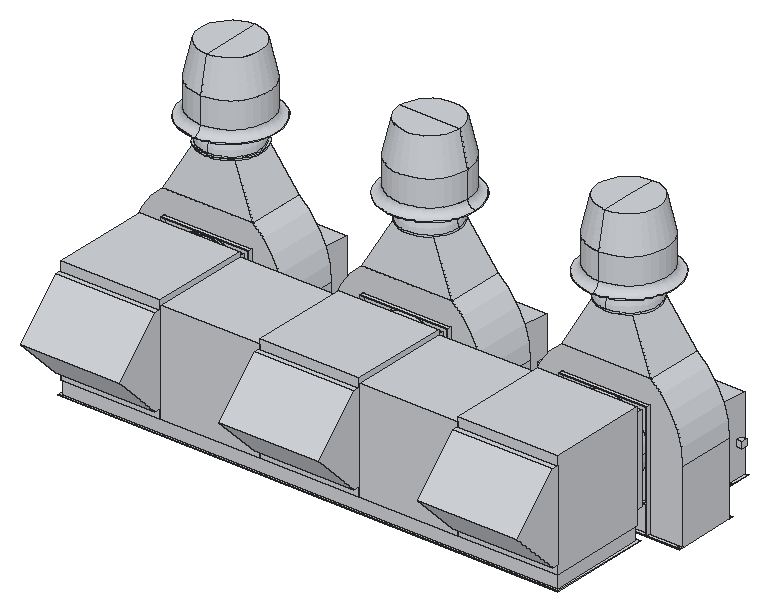
Revit family "Triple_CAVP_with_Mixing_Box", category Mechanical Equipment, Revit 2019
Family settings
  Round Connector Dimension = Use Diameter
  Part Type = Normal
  Work Plane-Based = No
  Always vertical = Yes
  Cut with Voids When Loaded = No
  Shared = No
  Room Calculation Point = No
Parameters (values of type "Triple_490_CAVP-27L_CLASS_2_With_Mixing_Box")
  Unit Weight [instance] = ""
  TRIP_Q = (MB_P * 5) + 3/4"  # 330 3/4"
  TRANSITION/2 = TRANSITION / 2  # 13.54551"
  TRANSITION = sqrt((NOZZLE_BOTTOM_ID * NOZZLE_BOTTOM_ID) / 2)  # 27.09103"
  RO2/2 = (TRIP_Q - 4 1/2") / 2  # 163 1/8"
  RO/2 = (MB_P - 4 1/2") / 2  # 30 3/4"
  ModelID [instance] = ""
  MB_P+MB_P+.5 = MB_P + MB_P + 1/2"  # 132 1/2"
  E/52*30 = E / 52 * 30  # 59.38702"
  E/2-H/2 = E / 2 - H / 2  # 22 5/8"
  E-N-N-H = (E - N - N - H) / 2  # 2"
  E-(NOZZLE_RAD/3*2) = E / 2 - (NOZZLE_BOTTOM_RAD / 3 * 2)  # 38.69792"
  TRIP_Q-4.5" = TRIP_Q - 4 1/2"  # 326 1/4"
  DUAL_Q+.25" = DUAL_Q + 1/4"  # 198 5/8"
  DUAL_Q = (MB_P * 3) + 3/8"  # 198 3/8"
  Sones [instance] = ""
  R-((B/2)+1.5") = R - ((B / 2) + 1 1/2")  # 19"
  R+((B/2)+1.5") = R + ((B / 2) + 1 1/2")  # 77"
  R*1.1 = R * 1.1  # 52.8"
  R = 48"
  Q/2 = Q / 2  # 1/2"
  Q = 1"  # constant formula
  MB_P-4.5" = MB_P - 4 1/2"  # 61 1/2"
  MB_P+.25" = MB_P + 1/4"  # 66 1/4"
  P = 21 7/8"
  NOZZLE_WB_RAD-2" = NOZZLE_WB_RAD - 2"  # 28 1/2"
  NOZZLE_WB_RAD = NOZZLE_WB_OD / 2  # 30 1/2"
  NOZZLE_WB_OD = if(NOZZLE_SIZE = 9", 23", if(NOZZLE_SIZE = 12", 28", if(NOZZLE_SIZE = 15", 36", if(NOZZLE_SIZE = 18", 43", if(NOZZLE_SIZE = 21", 49", if(NOZZLE_SIZE = 24", 61", if(NOZZLE_SIZE = 27", 61", if(NOZZLE_SIZE = 30", 74", if(NOZZLE_SIZE = 36", 90", if(NOZZLE_SIZE = 49", 101", 1"))))))))))  # 61"
  NOZZLE_WB/4 = NOZZLE_WB_OD / 5  # 12.2"
  NOZZLE_TOP_RAD = NOZZLE_TOP_OD / 2  # 19 27/32"
  NOZZLE_TOP_OD = if(NOZZLE_SIZE = 9", 13 1/2", if(NOZZLE_SIZE = 12", 19 1/2", if(NOZZLE_SIZE = 15", 23", if(NOZZLE_SIZE = 18", 27 1/2", if(NOZZLE_SIZE = 21", 30 3/4", if(NOZZLE_SIZE = 24", 36 1/2", if(NOZZLE_SIZE = 27", 39 11/16", if(NOZZLE_SIZE = 30", 45 1/2", if(NOZZLE_SIZE = 36", 58", if(NOZZLE_SIZE = 49", 76", 1"))))))))))  # 39 11/16"
  NOZZLE_SIZE = 27"
  NOZZLE_HEIGHT/7*2 = NOZZLE_HEIGHT / 8 * 2  # 15 5/32"
  NOZZLE_HEIGHT = if(NOZZLE_SIZE = 9", 28", if(NOZZLE_SIZE = 12", 32", if(NOZZLE_SIZE = 15", 43", if(NOZZLE_SIZE = 18", 48", if(NOZZLE_SIZE = 21", 52 3/4", if(NOZZLE_SIZE = 24", 62", if(NOZZLE_SIZE = 30", 78", if(NOZZLE_SIZE = 27", 60 5/8", if(NOZZLE_SIZE = 36", 95", if(NOZZLE_SIZE = 49", 110", 1"))))))))))  # 60 5/8"
  NOZZLE_BOTTOM_RAD-3*2 = NOZZLE_BOTTOM_RAD - 3" * 2  # 13 5/32"
  NOZZLE_BOTTOM_RAD = NOZZLE_BOTTOM_ID / 2  # 19 5/32"
  NOZZLE_BOTTOM_ID = if(NOZZLE_SIZE = 9", 12 13/16", if(NOZZLE_SIZE = 12", 17 1/16", if(NOZZLE_SIZE = 15", 21 3/8", if(NOZZLE_SIZE = 18", 25 5/8", if(NOZZLE_SIZE = 21", 28 3/4", if(NOZZLE_SIZE = 24", 34 3/4", if(NOZZLE_SIZE = 27", 38 5/16", if(NOZZLE_SIZE = 30", 42 1/2", if(NOZZLE_SIZE = 36", 51 3/4", if(NOZZLE_SIZE = 49", 69 3/8", 1"))))))))))  # 38 5/16"
  MB_N-(D-J-K-L) = MB_N - (D - J - K - L)  # 12 3/16"
  N+(H/2) = N + (H / 2)  # 49 15/32"
  N = 20 5/8"
  Motor RPM [instance] = ""
  Motor Enclosure [instance] = ""
  MB_Q = MB_P  # 66"
  MB_P = 66"
  MB_N = 13 9/16"
  MB_HEIGHT/2 = MB_HEIGHT / 2  # 35 3/8"
  MB_HEIGHT = 70 3/4"
  MB_F = 15 3/4"
  MB_A = 195 7/8"
  M-(2*(D-L-K-J)) = M - (2 * (D - L - K - J))  # 38 3/16"
  M = 40 15/16"
  LwA [instance] = ""
  L = 43 3/16"
  K = 25 7/8"
  J+K+L = J + K + L  # 82 9/16"
  J = 13 1/2"
  HEIGHT = R + (E * 0.4367)  # 92.95281"
  H/2 = H / 2  # 28 27/32"
  H = 57 11/16"
  Fan RPM [instance] = ""
  F/2 = F / 2  # 29 27/32"
  F-H = F - H  # 2"
  MB_F-3" = MB_F - 3"  # 12 3/4"
  F = 59 11/16"
  E/52*15 = E / 52 * 15  # 29.69351"
  E/2 = E / 2  # 51 15/32"
  E = 102 15/16"
  D-M = D - M  # 43"
  D-L-K-J = D - L - J - K  # 1 3/8"
  D = 83 15/16"
  CURB_HEIGHT [instance] = 12"
  CURB [instance] = yes
  CLASS = 2"
  C/2 = C / 2  # 61 17/32"
  C = 123 1/16"
  Bypass Damper Actuator = ""
  B/4 = B / 4  # 13 3/4"
  B/2 = B / 2  # 27 1/2"
  B = 55"
  Accessories [instance] = ""
  A/2 = A / 2  # 108 29/32"
  A = 217 13/16"
  85 = 85.00°  # constant formula
  8.1875 = 8 3/16"  # constant formula
  60 = 60.00°  # constant formula
  3" = 3"  # constant formula
  Brake Hp [instance] = ""
  4" = 4"  # constant formula
  2' = 24"
  2" = 2"  # constant formula
  135 = 135.00°  # constant formula
  10.1875 = 10 3/16"  # constant formula
  1" = 1"  # constant formula
  0 = 0"  # constant formula
  Voltage [instance] = 0 V
  URL = "www.lorencook.com"
  Type Comments = if(CLASS = 1", "Triple Vari-Plume Laboratory Exhaust Centrifugal Airfoil Class 1 Arr 10 With Mixing Box", "Triple Vari-Plume Laboratory Exhaust Centrifugal Airfoil Class 2 Arr 10 With Mixing Box")  # "Triple Vari-Plume Laboratory Exhaust Centrifugal Airfoil Class 2 Arr 10 With Mixing Box"
  Static Pressure [instance] = 0.00 in-wg
  Power [instance] = Voltage * Motor FLA * sqrt(if(Phase = 3, 3, 1))  # 0 VA
  Phase [instance] = 0
  Number of Poles [instance] = 1
  Motor Hp [instance] = "0"
  Motor FLA [instance] = 0 A
  Model = "Triple_CAVP_with_Mixing_Box"  # constant formula
  Manufacturer = "Loren Cook Company"
  CFM [instance] = 0 CFM
  1.5 = 1 1/2"  # constant formula
  ONE EIGTH = 1/8"  # constant formula
  -MB_P-.25 = -MB_P - 1/4"  # -66 1/4"
  -MB_P = -MB_P  # -66"
  -MB_HEIGHT = -MB_HEIGHT  # -70 3/4"
  -(F-((F-H)/2))/2 = -(F / 2) + 2"  # -27 27/32"
  -((MB_Q / 2) + 1/8") = -((MB_Q / 2) + 1/8")  # -33 1/8"
  (NOZZLE_WB_OD - NOZZLE_TOP_OD) / 4 = (NOZZLE_WB_OD - NOZZLE_TOP_OD) / 4  # 5 21/64"
  (NOZZLE_HEIGHT - (NOZZLE_HEIGHT / 8 * 2)) / 2 = (NOZZLE_HEIGHT - (NOZZLE_HEIGHT / 8 * 2)) / 2  # 22 47/64"
  (MB_Q/2)+.125" = (MB_Q / 2) + 1/8"  # 33 1/8"
  (MB_P/2-.125")-((F / 2) - 2") = -((MB_P / 2 - 1/8") - ((F / 2) - 2"))  # -5 1/32"
  (MB_P/2-.125")+((F / 2) - 2") = -((MB_P / 2 - 1/8") + ((F / 2) - 2"))  # -60 23/32"
  (MB_P/2)+.125" = (MB_P / 2) + 1/8"  # 33 1/8"
  (M - (2 * (D - L - K - J)))/2 = (M - (2 * (D - L - K - J))) / 2  # 19 3/32"
  (F-((F-H)/2))/2 = (F / 2) - 2"  # 27 27/32"
  (E/2)-(E/52*15) = (E / 2) - (E / 52 * 15)  # 21.77524"
  (E/2)-((MB_P/2)+.125") = (E / 2) - ((MB_P / 2) + 1/8")  # 18 11/32"
  (E/2)-((B/2)+1.5") = (E / 2) - ((B / 2) + 1 1/2")  # 22 15/32"
  (D-J-K-L)*2 = (D - J - K - L) * 2  # 2 3/4"
  (B/2)-.125" = (B / 2) - 1/8"  # 27 3/8"
  (B/2)+1.5" = (B / 2) + 1 1/2"  # 29"
  ((M - (2 * (D - L - K - J))) / 2) + (TRANSITION / 2) = ((M - (2 * (D - L - K - J))) / 2) + (TRANSITION / 2)  # 32.63926"
Reference planes (in)
  plane 1 "Center (Front/Back)": y = 0
  plane 2: z = 0
  plane 3 "Center (Left/Right)": x = 1.20155
  plane 4: y = -19.09375
  plane 5: x = 266.20155
  plane 6: x = 133.70155
  plane 7: x = 266.20155
Forms (in)
  Extrusion 1, solid
    sketch origin (0, 0, 0) x (1, 0, 0) y (0, 0, 1)
      loop
        line (-50.2672, 0) -> (52.6703, 0) -> (52.6703, 48)
        arc (52.6703, 48) -> (46.93989, 72.97457) -> (30.89506, 92.95281) r 57.28791
        line (30.89506, 92.95281) -> (-28.49196, 92.95281)
        arc (-28.49196, 92.95281) -> (-44.53679, 72.97457) -> (-50.2672, 48) r 57.28791
        line (-50.2672, 48) -> (-50.2672, 0)
    from 0 to 38.1875 <- "M-(2*(D-L-K-J))"
  Extrusion 2, solid
    sketch origin (1.20155, 0, 0) x (0, 1, 0) y (0, 0, 1)
      loop
        line (0, 0) -> (43, 0) -> (43, 49.03799) -> (0, 52.8) -> (0, 0)
    from -27.84375 <- "-(F-((F-H)/2))/2" to 27.84375 <- "(F-((F-H)/2))/2"
  Extrusion 3, solid
    sketch origin (0, 0, 0) x (1, 0, 0) y (0, 1, 0)
      loop
        line (-50.2672, 0) -> (-26.6422, 0) -> (-26.6422, 43) -> (-28.6422, 43) -> (-28.6422, 2.75) -> (-50.2672, 2.75) -> (-50.2672, 0)
      loop
        line (-50.2672, -38.1875) -> (-50.2672, -40.9375) -> (52.6703, -40.9375) -> (52.6703, -38.1875) -> (-50.2672, -38.1875)
      loop
        line (52.6703, 0) -> (52.6703, 2.75) -> (31.0453, 2.75) -> (31.0453, 43) -> (29.0453, 43) -> (29.0453, 0) -> (52.6703, 0)
    from 0 to 0.125
  Blend 4, solid
    base sketch origin (0, 0, 0) x (1, 0, 0) y (0, 1, 0)
      loop
        line (-28.49196, 0) -> (-28.49196, -38.1875) -> (30.89506, -38.1875) -> (30.89506, 0) -> (-28.49196, 0)
    top sketch origin (0, 0, 0) x (1, 0, 0) y (0, 1, 0)
      loop
        line (-12.34397, -5.54824) -> (-12.34397, -32.63926) -> (14.74706, -32.63926) -> (14.74706, -5.54824) -> (-12.34397, -5.54824)
    from 92.95281 <- "HEIGHT" to 123.0625 <- "C"
  Revolve 5, void
    sketch origin (1.20155, 0, 0) x (0, 1, 0) y (0, 0, 1)
      loop
        line (-38.1875, 75.5) -> (-38.1875, 48) -> (-24.4375, 48) -> (-24.4375, 67.56143) -> (-38.1875, 75.5)
      axis (-38.1875, 48) -> (-24.4375, 48)
    angle from 0 to 360
  Revolve 6, solid
    sketch origin (1.20155, 0, 0) x (0, 1, 0) y (0, 0, 1)
      loop
        line (-19.09375, 123.0625) -> (1.5625, 123.0625) -> (1.5625, 123.1875) -> (0.0625, 123.1875) -> (0.0625, 124.0625)
        arc (0.0625, 124.0625) -> (-1.77051, 131.94902) -> (-6.89375, 138.21875) r 17.8824
        line (-6.89375, 138.21875) -> (11.40625, 138.21875) -> (0.75, 183.6875) -> (-19.09375, 183.6875) -> (-19.09375, 123.0625)
      axis (-19.09375, 183.6875) -> (-19.09375, 123.0625)
    angle from 0 to 360
  Revolve 7, void
    sketch origin (1.20155, 0, 0) x (0, 1, 0) y (0, 0, 1)
      loop
        line (16.73437, 160.95313) -> (6.07812, 160.95313) -> (6.07812, 143.67188)
        arc (6.07812, 143.67188) -> (11.40625, 138.34375) -> (16.73437, 143.67188) r 5.32813
        line (16.73437, 143.67188) -> (16.73437, 160.95313)
      axis (-19.09375, 143.67188) -> (-19.09375, 160.95313)
    angle from 0 to 360
  Extrusion 8, solid
    sketch origin (-26.6422, 0, 0) x (0, -1, 0) y (0, 0, 1)
      loop
        line (-39, 20) -> (-35, 20) -> (-35, 24) -> (-39, 24) -> (-39, 20)
    from 0 to 4
  Extrusion 9, solid
    sketch origin (0, -38.1875, 0) x (1, 0, 0) y (0, 0, 1)
      loop
        circle (1.20155, 48) r 27.5
      loop
        circle (1.20155, 48) r 27.375
    from 0 to 2
  Extrusion 10, solid
    sketch origin (0, -38.1875, 0) x (1, 0, 0) y (0, 0, 1)
      loop
        line (-27.79845, 77) -> (-27.79845, 19) -> (30.20155, 19) -> (30.20155, 77) -> (-27.79845, 77)
      loop
        line (-27.92345, 0.125) -> (-27.79845, 0.125) -> (-27.79845, 18.875) -> (30.20155, 18.875) -> (30.20155, 0.125) -> (30.32655, 0.125) -> (30.32655, 77.125) -> (-27.92345, 77.125) -> (-27.92345, 0.125)
    from 0 to 2.75 <- "(D-J-K-L)*2"
  Extrusion 11, void
    sketch origin (0, 0, 0) x (1, 0, 0) y (0, 1, 0)
      loop
        circle (-27.6422, -39.5625) r 0.5
      loop
        circle (-48.2672, -39.5625) r 0.5
      loop
        circle (-48.2672, 1.375) r 0.5
      loop
        circle (-27.6422, 29.5) r 0.5
      loop
        circle (-27.6422, 7.625) r 0.5
      loop
        circle (-27.6422, 3.625) r 0.5
      loop
        circle (30.0453, -39.5625) r 0.5
      loop
        circle (50.6703, -39.5625) r 0.5
      loop
        circle (50.6703, 1.375) r 0.5
      loop
        circle (30.0453, 29.5) r 0.5
      loop
        circle (30.0453, 7.625) r 0.5
      loop
        circle (30.0453, 3.625) r 0.5
    from 0 to 2
  Extrusion 12, solid
    sketch origin (1.20155, 0, 0) x (0, 1, 0) y (0, 0, 1)
      loop
        line (-119.375, 83.5) -> (-119.375, 12.75) -> (-53.125, 12.75) -> (-53.125, 83.5) -> (-119.375, 83.5)
    from 33.125 <- "(MB_Q/2)+.125"" to -33.125 <- "-((MB_Q / 2) + 1/8")"
  Extrusion 13, void
    sketch origin (0, 0, 0) x (1, 0, 0) y (0, 1, 0)
      loop
        line (-31.79845, -53.25) -> (-31.79845, -119.25) -> (34.20155, -119.25) -> (34.20155, -53.25) -> (-31.79845, -53.25)
    from 15.75 <- "MB_F" to 12.75 <- "MB_F-3""
  Extrusion 14, solid
    sketch origin (1.20155, -53.125, 83.5) x (0, 0, -1) y (-1, 0, 0)
      loop
        line (6.375, 29.125) -> (6.375, -29.125) -> (64.5, -29.125) -> (64.5, 29.125) -> (6.375, 29.125)
    from 0 to 8.1875 <- "8.1875"
  Revolve 15, solid
    sketch origin (1.20155, 0, 0) x (0, 1, 0) y (0, 0, 1)
      loop
        line (-40.1875, 75.5) -> (-44.9375, 75.5) -> (-44.9375, 48) -> (-40.1875, 48) -> (-40.1875, 75.5)
      axis (-40.1875, 48) -> (-44.9375, 48)
    angle from 0 to 360
  Extrusion 16, solid
    sketch origin (1.20155, 0, 0) x (0, 1, 0) y (0, 0, 1)
      loop
        line (-119.375, 77.625) -> (-123.375, 77.625) -> (-152.875, 48.125) -> (-123.375, 18.625) -> (-119.375, 18.625) -> (-119.375, 77.625)
    from 33.125 <- "(MB_Q/2)+.125"" to -33.125 <- "-((MB_Q / 2) + 1/8")"
  Extrusion 17, solid
    sketch origin (1.20155, -53.125, 12.75) x (-1, 0, 0) y (0, 1, 0)
      loop
        line (-99.25, 0) -> (-165.5, 0) -> (-165.5, -66.25) -> (-99.25, -66.25) -> (-99.25, 0)
      loop
        line (-231.375, 0) -> (-297.625, 0) -> (-297.625, -66.25) -> (-231.375, -66.25) -> (-231.375, 0)
    from 0 to -70.75 <- "-MB_HEIGHT"
  Extrusion 18, void
    sketch origin (1.20155, -53.125, 12.75) x (-1, 0, 0) y (0, -1, 0)
      loop
        line (-99.375, 0.125) -> (-99.375, 66.125) -> (-165.375, 66.125) -> (-165.375, 0.125) -> (-99.375, 0.125)
      loop
        line (-231.5, 0.125) -> (-231.5, 66.125) -> (-297.5, 66.125) -> (-297.5, 0.125) -> (-231.5, 0.125)
    from 0 to 3
  Extrusion 19, solid
    sketch origin (0, 0, 0) x (1, 0, 0) y (0, 0, 1)
      loop
        arc (185.1703, 48) -> (179.43989, 72.97457) -> (163.39506, 92.95281) r 57.28791
        line (163.39506, 92.95281) -> (104.00804, 92.95281)
        arc (104.00804, 92.95281) -> (87.96321, 72.97457) -> (82.2328, 48) r 57.28791
        line (82.2328, 48) -> (82.2328, 0) -> (185.1703, 0) -> (185.1703, 48)
      loop
        line (214.7328, 0) -> (317.6703, 0) -> (317.6703, 48)
        arc (317.6703, 48) -> (311.93989, 72.97457) -> (295.89506, 92.95281) r 57.28791
        line (295.89506, 92.95281) -> (236.50804, 92.95281)
        arc (236.50804, 92.95281) -> (220.46321, 72.97457) -> (214.7328, 48) r 57.28791
        line (214.7328, 48) -> (214.7328, 0)
    from 0 to 38.1875 <- "M-(2*(D-L-K-J))"
  Extrusion 20, solid
    sketch origin (166.70155, -53.125, 12.75) x (0, -1, 0) y (0, 0, -1)
      loop
        line (-96.125, -36.28799) -> (-53.125, -40.05) -> (-53.125, 12.75) -> (-96.125, 12.75) -> (-96.125, -36.28799)
    from -5.03125 <- "(MB_P/2-.125")-((F / 2) - 2")" to -60.71875 <- "(MB_P/2-.125")+((F / 2) - 2")"
  Blend 21, solid
    base sketch origin (0, 0, 0) x (1, 0, 0) y (0, 1, 0)
      loop
        line (104.00804, 0) -> (104.00804, -38.1875) -> (163.39506, -38.1875) -> (163.39506, 0) -> (104.00804, 0)
    top sketch origin (0, 0, 0) x (1, 0, 0) y (0, 1, 0)
      loop
        line (120.15603, -5.54824) -> (120.15603, -32.63926) -> (147.24706, -32.63926) -> (147.24706, -5.54824) -> (120.15603, -5.54824)
    from 92.95281 <- "HEIGHT" to 123.0625 <- "C"
  Revolve 22, solid
    sketch origin (41.56006, -19.09375, 48) x (-1, 0, 0) y (0, 0, 1)
      loop
        line (-92.14148, 75.0625) -> (-92.14148, 135.6875) -> (-111.98523, 135.6875) -> (-122.64148, 90.21875) -> (-104.34148, 90.21875)
        arc (-104.34148, 90.21875) -> (-109.46473, 83.94902) -> (-111.29773, 76.0625) r 17.8824
        line (-111.29773, 76.0625) -> (-111.29773, 75.0625) -> (-92.14148, 75.0625)
      axis (-92.14148, 75.0625) -> (-92.14148, 135.6875)
    angle from 0 to 360
  Revolve 23, void
    sketch origin (41.56006, -19.09375, 48) x (-1, 0, 0) y (0, 0, 1)
      loop
        line (-117.31336, 95.67187) -> (-117.31336, 112.95312) -> (-127.96961, 112.95312) -> (-127.96961, 95.67187)
        arc (-127.96961, 95.67187) -> (-122.64148, 90.34375) -> (-117.31336, 95.67187) r 5.32812
      axis (-92.14148, 95.67187) -> (-92.14148, 112.95312)
    angle from 0 to 360
  Extrusion 24, solid
    sketch origin (0, 0, 0) x (1, 0, 0) y (0, 1, 0)
      loop
        line (82.2328, -38.1875) -> (82.2328, -40.9375) -> (185.1703, -40.9375) -> (185.1703, -38.1875) -> (82.2328, -38.1875)
      loop
        line (161.6703, 43) -> (161.6703, 0) -> (185.1703, 0) -> (185.1703, 2.75) -> (163.6703, 2.75) -> (163.6703, 43) -> (161.6703, 43)
      loop
        line (105.9828, 43) -> (103.9828, 43) -> (103.9828, 2.75) -> (82.2328, 2.75) -> (82.2328, 0) -> (105.9828, 0) -> (105.9828, 43)
    from 0 to 0.125
  Extrusion 25, void
    sketch origin (0, 0, 0) x (1, 0, 0) y (0, 1, 0)
      loop
        circle (84.2328, -39.5625) r 0.5
      loop
        circle (104.8578, -39.5625) r 0.5
      loop
        circle (162.5453, -39.5625) r 0.5
      loop
        circle (183.1703, -39.5625) r 0.5
      loop
        circle (183.1703, 1.375) r 0.5
      loop
        circle (84.2328, 1.375) r 0.5
      loop
        circle (207.7953, 3.625) r 0.5
      loop
        circle (207.7953, 7.625) r 0.5
      loop
        circle (207.7953, 29.5) r 0.5
      loop
        circle (104.8578, 29.5) r 0.5
      loop
        circle (104.8578, 7.625) r 0.5
      loop
        circle (104.8578, 3.625) r 0.5
    from 0 to 0.125
  Extrusion 26, solid
    sketch origin (100.45155, -53.125, 12.75) x (1, 0, 0) y (0, 0, -1)
      loop
        line (62.25, -64.25) -> (62.25, -6.25) -> (4.25, -6.25) -> (4.25, -64.25) -> (62.25, -64.25)
    from 0 to 8.1875 <- "8.1875"
  Extrusion 27, solid
    sketch origin (166.70155, -53.125, 12.75) x (0, -1, 0) y (0, 0, -1)
      loop
        line (66.25, -64.875) -> (70.25, -64.875) -> (99.75, -35.375) -> (70.25, -5.875) -> (66.25, -5.875) -> (66.25, -64.875)
    from 0 to -66.25 <- "-MB_P-.25"
  Extrusion 28, solid
    sketch origin (0, -38.1875, 0) x (1, 0, 0) y (0, 0, 1)
      loop
        circle (133.70155, 48) r 27.5
    from 0 to 6.75
  Extrusion 29, solid
    sketch origin (0, -38.1875, 0) x (1, 0, 0) y (0, 0, 1)
      loop
        line (104.70155, 19) -> (162.70155, 19) -> (162.70155, 77) -> (104.70155, 77) -> (104.70155, 19)
      loop
        line (162.70155, 0.125) -> (162.82655, 0.125) -> (162.82655, 77.125) -> (104.57655, 77.125) -> (104.57655, 0.125) -> (104.70155, 0.125) -> (104.70155, 18.875) -> (162.70155, 18.875) -> (162.70155, 0.125)
    from 0 to 2.75 <- "(D-J-K-L)*2"
  Extrusion 30, solid
    sketch origin (1.20155, -119.375, 12.75) x (0, 0, 1) y (-1, 0, 0)
      loop
        line (67.75, -99.25) -> (67.75, -33.125) -> (0, -33.125) -> (0, -99.25) -> (67.75, -99.25)
      loop
        line (67.75, -165.5) -> (0, -165.5) -> (0, -231.375) -> (67.75, -231.375) -> (67.75, -165.5)
    from 0 to -66.25 <- "-MB_P-.25"
  Extrusion 31, void
    sketch origin (34.32655, -119.375, 12.75) x (-1, 0, 0) y (0, -1, 0)
      loop
        line (-0.125, -66.125) -> (-0.125, -0.125) -> (-66, -0.125) -> (-66, -66.125) -> (-0.125, -66.125)
      loop
        line (-132.5, -66.125) -> (-132.5, -0.125) -> (-198.125, -0.125) -> (-198.125, -66.125) -> (-132.5, -66.125)
    from 0 to 3
  Extrusion 32, solid
    sketch origin (161.6703, -53.125, 12.75) x (0, -1, 0) y (0, 0, -1)
      loop
        line (-88.125, -11.25) -> (-88.125, -7.25) -> (-92.125, -7.25) -> (-92.125, -11.25) -> (-88.125, -11.25)
    from 0 to 4
  Blend 33, solid
    base sketch origin (0, 0, 0) x (1, 0, 0) y (0, 1, 0)
      loop
        line (236.50804, 0) -> (236.50804, -38.1875) -> (295.89506, -38.1875) -> (295.89506, 0) -> (236.50804, 0)
    top sketch origin (0, 0, 0) x (1, 0, 0) y (0, 1, 0)
      loop
        line (252.65603, -5.54824) -> (252.65603, -32.63926) -> (279.74706, -32.63926) -> (279.74706, -5.54824) -> (252.65603, -5.54824)
    from 92.95281 <- "HEIGHT" to 123.0625 <- "C"
  Revolve 34, solid
    sketch origin (266.20155, -180, 53.93337) x (0, 0, -1) y (0, -1, 0)
      loop
        line (-69.12913, -160.90625) -> (-129.75413, -160.90625) -> (-129.75413, -180.75) -> (-84.28538, -191.40625) -> (-84.28538, -173.10625)
        arc (-84.28538, -173.10625) -> (-78.01565, -178.22949) -> (-70.12913, -180.0625) r 17.8824
        line (-70.12913, -180.0625) -> (-69.12913, -180.0625) -> (-69.12913, -160.90625)
      axis (-129.75413, -160.90625) -> (-69.12913, -160.90625)
    angle from 0 to 360
  Revolve 35, void
    sketch origin (266.20155, -180, 53.93337) x (0, 0, -1) y (0, -1, 0)
      loop
        line (-89.7385, -186.07812) -> (-107.01975, -186.07812) -> (-107.01975, -196.73437) -> (-89.7385, -196.73437)
        arc (-89.7385, -196.73437) -> (-84.41038, -191.40625) -> (-89.7385, -186.07812) r 5.32813
      axis (-107.01975, -160.90625) -> (-89.7385, -160.90625)
    angle from 0 to 360
  Extrusion 36, solid
    sketch origin (266.20155, -180, 53.93337) x (0, 0, -1) y (0, -1, 0)
      loop
        line (1.13337, -180) -> (4.89538, -223) -> (53.93337, -223) -> (53.93337, -180) -> (1.13337, -180)
    from -27.84375 <- "-(F-((F-H)/2))/2" to 27.84375 <- "(F-((F-H)/2))/2"
  Extrusion 37, solid
    sketch origin (0, 0, 0) x (1, 0, 0) y (0, 1, 0)
      loop
        line (214.7328, -38.1875) -> (214.7328, -40.9375) -> (317.6703, -40.9375) -> (317.6703, -38.1875) -> (214.7328, -38.1875)
      loop
        line (238.3578, 43) -> (236.3578, 43) -> (236.3578, 2.75) -> (214.7328, 2.75) -> (214.7328, 0) -> (238.3578, 0) -> (238.3578, 43)
      loop
        line (294.0453, 43) -> (294.0453, 0) -> (317.6703, 0) -> (317.6703, 2.75) -> (296.0453, 2.75) -> (296.0453, 43) -> (294.0453, 43)
    from 0 to 0.125
  Extrusion 38, void
    sketch origin (0, 0, 0) x (1, 0, 0) y (0, 1, 0)
      loop
        circle (216.7328, -39.5625) r 0.5
      loop
        circle (237.3578, -39.5625) r 0.5
      loop
        circle (295.0453, -39.5625) r 0.5
      loop
        circle (315.6703, -39.5625) r 0.5
      loop
        circle (315.6703, 1.375) r 0.5
      loop
        circle (216.7328, 1.375) r 0.5
      loop
        circle (237.3578, 3.625) r 0.5
      loop
        circle (237.3578, 7.625) r 0.5
      loop
        circle (237.3578, 29.5) r 0.5
      loop
        circle (295.0453, 29.5) r 0.5
      loop
        circle (295.0453, 7.625) r 0.5
      loop
        circle (295.0453, 3.625) r 0.5
    from 0 to 0.125
  Extrusion 39, solid
    sketch origin (294.0453, -180, 53.93337) x (0, 0, 1) y (0, -1, 0)
      loop
        line (-29.93337, -215) -> (-33.93337, -215) -> (-33.93337, -219) -> (-29.93337, -219) -> (-29.93337, -215)
    from 0 to 4
  Extrusion 40, solid
    sketch origin (232.57655, -53.125, 12.75) x (1, 0, 0) y (0, 0, -1)
      loop
        line (62.625, -64.25) -> (62.625, -6.25) -> (4.625, -6.25) -> (4.625, -64.25) -> (62.625, -64.25)
    from 0 to 8.1875 <- "8.1875"
  Extrusion 41, solid
    sketch origin (0, -38.1875, 0) x (1, 0, 0) y (0, 0, 1)
      loop
        line (295.32655, 0.125) -> (295.32655, 77.125) -> (237.07655, 77.125) -> (237.07655, 0.125) -> (237.20155, 0.125) -> (237.20155, 18.875) -> (295.20155, 18.875) -> (295.20155, 0.125) -> (295.32655, 0.125)
      loop
        line (295.20155, 19) -> (295.20155, 77) -> (237.20155, 77) -> (237.20155, 19) -> (295.20155, 19)
    from 0 to 2.75 <- "(D-J-K-L)*2"
  Extrusion 42, solid
    sketch origin (0, -38.1875, 0) x (1, 0, 0) y (0, 0, 1)
      loop
        circle (266.20155, 48) r 27.5
    from 0 to 6.75
  Extrusion 43, solid
    sketch origin (298.82655, -53.125, 12.75) x (0, -1, 0) y (0, 0, -1)
      loop
        line (66.25, -64.875) -> (70.25, -64.875) -> (99.75, -35.375) -> (70.25, -5.875) -> (66.25, -5.875) -> (66.25, -64.875)
    from 0 to -66.25 <- "-MB_P-.25"
  Extrusion 44, solid, visible <- "CURB"
    sketch origin (0, 0, 15.75) x (0, 1, 0) y (1, 0, 0)
      loop
        line (-55.5, -29.42345) -> (-55.5, 296.82655) -> (-117, 296.82655) -> (-117, -29.42345) -> (-55.5, -29.42345)
      loop
        line (-118.5, 298.32655) -> (-118.5, -30.92345) -> (-54, -30.92345) -> (-54, 298.32655) -> (-118.5, 298.32655)
    from 0 to 12 <- "CURB_HEIGHT"
  Extrusion 45, solid, visible <- "CURB"
    sketch origin (0, 0, 3.75) x (-1, 0, 0) y (0, 1, 0)
      loop
        line (30.92345, -118.5) -> (30.92345, -54) -> (-298.32655, -54) -> (-298.32655, -118.5) -> (30.92345, -118.5)
      loop
        line (-300.32655, -52) -> (-300.32655, -120.5) -> (32.92345, -120.5) -> (32.92345, -52) -> (-300.32655, -52)
    from 0 to -0.125
Cuts and joins
  Revolve 5, Extrusion 11 cuts Extrusion 1
  Revolve 7 cuts Revolve 6
  Extrusion 11 cuts Extrusion 3
  Extrusion 13 cuts Extrusion 12
  Extrusion 18 cuts Extrusion 17
  Revolve 23 cuts Revolve 22
  Extrusion 25, Extrusion 38 cuts Extrusion 19
  Extrusion 25 cuts Extrusion 20
  Extrusion 25 cuts Extrusion 24
  Extrusion 31 cuts Extrusion 30
  Revolve 35 cuts Revolve 34
  Extrusion 38 cuts Extrusion 36
  Extrusion 38 cuts Extrusion 37
Dimensions and locks (in)
  "0": Extrusion 1 sketch curve to level
  "E/2": plane 3 "Center (Left/Right)" to Extrusion 1 sketch curve
  "E/2": Extrusion 1 sketch curve to plane 3 "Center (Left/Right)"
  "HEIGHT": Extrusion 1 sketch curve to level
  "E/52*15": plane 3 "Center (Left/Right)" to Extrusion 1 sketch curve
  "E/52*15": Extrusion 1 sketch curve to plane 3 "Center (Left/Right)"
  "R": Extrusion 1 sketch curve to level  (x2)
  "R*1.1": Extrusion 2 sketch curve to level
  "0": Extrusion 2 sketch curve to level
  "D-M": Extrusion 2 sketch curve to Extrusion 1
  "0": Extrusion 2 sketch curve to Extrusion 1
  "0": Extrusion 3 sketch curve to Extrusion 2  (x4)
  "0": Extrusion 3 sketch curve to Extrusion 1  (x6)
  "0": Extrusion 1 to Extrusion 3 sketch curve
  "D": Extrusion 2 to Extrusion 3 sketch curve
  "F/2": plane 3 "Center (Left/Right)" to Extrusion 3 sketch curve
  "F/2": Extrusion 3 sketch curve to plane 3 "Center (Left/Right)"
  "(D-J-K-L)*2": Extrusion 3 sketch curve to Extrusion 1  (x2)
  "0": Extrusion 1 to Blend 4 sketch curve
  "0": Blend 4 sketch curve to Extrusion 1  (x3)
  "R": level to Revolve 5 sketch curve
  "R": Revolve 5 sketch curve to level
  "B/2": Revolve 5 sketch curve to Revolve 5 sketch curve
  "B/4": Extrusion 1 to Revolve 5 sketch curve
  "0": Revolve 5 sketch curve to Extrusion 1
  "(M - (2 * (D - L - K - J)))/2": Revolve 6 sketch curve to cut or joined group of Extrusion 1, Revolve 5, Extrusion 11  (x2)
  "NOZZLE_BOTTOM_RAD": Revolve 6 sketch curve to Revolve 6 sketch curve
  "NOZZLE_WB_RAD": Revolve 6 sketch curve to Revolve 6 sketch curve
  "NOZZLE_TOP_RAD": Revolve 6 sketch curve to Revolve 6 sketch curve
  "NOZZLE_HEIGHT": Revolve 6 sketch curve to Blend 4
  "NOZZLE_HEIGHT/7*2": Revolve 6 sketch curve to Blend 4
  "ONE EIGTH": Revolve 6 sketch curve to Revolve 6 sketch curve
  "1.5": Revolve 6 sketch curve to Revolve 6 sketch curve
  "0": Revolve 6 sketch curve to Blend 4
  "1"": Revolve 6 sketch curve to Blend 4
  "NOZZLE_WB/4": Revolve 6 sketch curve to Revolve 6 sketch curve
  "ONE EIGTH": Revolve 7 sketch curve to Revolve 6
  "(NOZZLE_WB_OD - NOZZLE_TOP_OD) / 4": Revolve 6 to Revolve 7 sketch curve
  "(NOZZLE_WB_OD - NOZZLE_TOP_OD) / 4": Revolve 7 sketch curve to Revolve 6
  "(NOZZLE_HEIGHT - (NOZZLE_HEIGHT / 8 * 2)) / 2": Revolve 7 sketch curve to Revolve 6
  "(M - (2 * (D - L - K - J)))/2": Revolve 7 sketch curve to cut or joined group of Extrusion 1, Revolve 5, Extrusion 11
  "4"": Extrusion 8 sketch curve to Extrusion 8 sketch curve  (x2)
  "4"": Extrusion 2 to Extrusion 8 sketch curve
  "2'": Extrusion 8 sketch curve to level
  "0": Extrusion 9 sketch curve to plane 3 "Center (Left/Right)"  (x2)
  "R": Extrusion 9 sketch curve to level  (x2)
  "(B/2)+1.5"": plane 3 "Center (Left/Right)" to Extrusion 10 sketch curve  (x3)
  "(B/2)+1.5"": Extrusion 10 sketch curve to plane 3 "Center (Left/Right)"
  "R+((B/2)+1.5")": Extrusion 10 sketch curve to level
  "R-((B/2)+1.5")": Extrusion 10 sketch curve to level
  "0": Extrusion 10 sketch curve to Extrusion 3
  "ONE EIGTH": Extrusion 10 sketch curve to Extrusion 10 sketch curve  (x4)
  "0": Extrusion 3 to Extrusion 10 sketch curve
  "J": Extrusion 2 to Extrusion 11 sketch curve  (x2)
  "H/2": Extrusion 11 sketch curve to plane 3 "Center (Left/Right)"  (x8)
  "P": Extrusion 11 sketch curve to Extrusion 11 sketch curve  (x2)
  "K": Extrusion 11 sketch curve to Extrusion 11 sketch curve  (x2)
  "L": Extrusion 11 sketch curve to Extrusion 11 sketch curve  (x2)
  "N+(H/2)": Extrusion 11 sketch curve to plane 3 "Center (Left/Right)"  (x4)
  "M": Extrusion 11 sketch curve to Extrusion 11 sketch curve  (x2)
  "J+K+L": Extrusion 2 to Extrusion 11 sketch curve  (x2)
  "MB_N-(D-J-K-L)": Extrusion 12 sketch curve to Extrusion 10
  "MB_P+.25"": Extrusion 12 sketch curve to Extrusion 12 sketch curve
  "MB_F-3"": Extrusion 12 sketch curve to level
  "MB_HEIGHT": Extrusion 12 sketch curve to Extrusion 12 sketch curve
  "ONE EIGTH": Extrusion 12 to Extrusion 13 sketch curve
  "ONE EIGTH": Extrusion 13 sketch curve to Extrusion 12  (x3)
  "0": Extrusion 14 sketch curve to Extrusion 10  (x4)
  "0": Revolve 15 sketch curve to Revolve 15 sketch curve
  "0": Revolve 15 sketch curve to Extrusion 14
  "0": Revolve 15 sketch curve to Extrusion 9
  "B/2": Revolve 15 sketch curve to Revolve 15 sketch curve
  "R": Revolve 15 sketch curve to level
  "MB_HEIGHT/2": cut or joined group of Extrusion 12, Extrusion 13 to Extrusion 16 sketch curve
  "0": Extrusion 16 sketch curve to cut or joined group of Extrusion 12, Extrusion 13
  "4"": Extrusion 16 sketch curve to cut or joined group of Extrusion 12, Extrusion 13  (x2)
  "MB_A": Extrusion 16 sketch curve to Extrusion 2
  "MB_P+.25"": Extrusion 17 sketch curve to Extrusion 17 sketch curve  (x3)
  "0": Extrusion 17 sketch curve to cut or joined group of Extrusion 12, Extrusion 13
  "DUAL_Q+.25"": cut or joined group of Extrusion 12, Extrusion 13 to Extrusion 17 sketch curve
  "ONE EIGTH": Extrusion 18 sketch curve to Extrusion 17  (x2)
  "ONE EIGTH": Extrusion 17 to Extrusion 18 sketch curve  (x2)
  Extrusion 19 sketch curve to Extrusion 19 sketch curve = 102 15/16"  (x2)
  "0": Extrusion 19 sketch curve to level
  "E/52*30": Extrusion 19 sketch curve to Extrusion 19 sketch curve  (x2)
  "R": level to Extrusion 19 sketch curve  (x2)
  "0": Extrusion 19 to Extrusion 20 sketch curve
  "0": Extrusion 20 sketch curve to level
  "0": Extrusion 2 to Extrusion 20 sketch curve
  "0": Extrusion 20 sketch curve to Extrusion 2
  "0": Extrusion 19 to Blend 21 sketch curve  (x2)
  "0": Blend 21 sketch curve to Extrusion 19  (x2)
  "(M - (2 * (D - L - K - J)))/2": plane 4 to plane 1 "Center (Front/Back)"
  "0": Revolve 22 sketch curve to Blend 21
  "0": Revolve 22 sketch curve to cut or joined group of Revolve 6, Revolve 7  (x2)
  "NOZZLE_TOP_RAD": Revolve 22 sketch curve to Revolve 22 sketch curve
  "NOZZLE_WB_RAD": Revolve 22 sketch curve to Revolve 22 sketch curve
  "NOZZLE_BOTTOM_RAD": Revolve 22 sketch curve to Revolve 22 sketch curve
  "1"": Revolve 22 sketch curve to Blend 21
  "E/2": Revolve 22 sketch curve to Extrusion 19  (x2)
  "NOZZLE_WB/4": Revolve 22 sketch curve to Revolve 22 sketch curve
  "(NOZZLE_WB_OD - NOZZLE_TOP_OD) / 4": Revolve 22 to Revolve 23 sketch curve  (x2)
  "ONE EIGTH": Revolve 23 sketch curve to Revolve 22
  "(NOZZLE_HEIGHT - (NOZZLE_HEIGHT / 8 * 2)) / 2": Revolve 23 sketch curve to Revolve 22
  "NOZZLE_WB_RAD": Revolve 22 to Revolve 23 sketch curve
  "0": Extrusion 24 sketch curve to cut or joined group of Extrusion 3, Extrusion 11
  "0": Extrusion 24 sketch curve to Extrusion 19  (x3)
  "0": Extrusion 24 sketch curve to Extrusion 20  (x4)
  "0": Extrusion 19 to Extrusion 24 sketch curve  (x4)
  "2"": Extrusion 24 sketch curve to Extrusion 20
  "2"": Extrusion 20 to Extrusion 24 sketch curve
  "0": cut or joined group of Extrusion 3, Extrusion 11 to Extrusion 24 sketch curve
  "0": Extrusion 24 sketch curve to Extrusion 24 sketch curve
  "J": Extrusion 20 to Extrusion 25 sketch curve  (x2)
  "J+K+L": Extrusion 20 to Extrusion 25 sketch curve  (x4)
  "N": Extrusion 25 sketch curve to Extrusion 25 sketch curve  (x2)
  "H": Extrusion 25 sketch curve to Extrusion 25 sketch curve
  "E/2-H/2": Extrusion 19 to Extrusion 25 sketch curve  (x6)
  "P": Extrusion 25 sketch curve to Extrusion 25 sketch curve  (x2)
  "K": Extrusion 25 sketch curve to Extrusion 25 sketch curve  (x2)
  "M": Extrusion 25 sketch curve to Extrusion 25 sketch curve  (x2)
  "0": Extrusion 26 sketch curve to Extrusion 10
  "0": Extrusion 10 to Extrusion 26 sketch curve
  "(E/2)-((B/2)+1.5")": Extrusion 26 sketch curve to cut or joined group of Extrusion 19, Extrusion 25, Extrusion 38  (x2)
  "0": Extrusion 16 to Extrusion 27 sketch curve  (x4)
  "0": Extrusion 27 sketch curve to cut or joined group of Extrusion 17, Extrusion 18
  "R": Extrusion 28 sketch curve to level
  "E/2": cut or joined group of Extrusion 19, Extrusion 25, Extrusion 38 to Extrusion 28 sketch curve
  "ONE EIGTH": Extrusion 29 sketch curve to Extrusion 29 sketch curve  (x6)
  "(E/2)-((B/2)+1.5")": cut or joined group of Extrusion 19, Extrusion 25, Extrusion 38 to Extrusion 29 sketch curve  (x2)
  "R-((B/2)+1.5")": Extrusion 29 sketch curve to level
  "R+((B/2)+1.5")": Extrusion 29 sketch curve to level
  "ONE EIGTH": Extrusion 29 sketch curve to level
  "ONE EIGTH": Extrusion 29 sketch curve to cut or joined group of Extrusion 24, Extrusion 25
  "0": Extrusion 30 sketch curve to cut or joined group of Extrusion 12, Extrusion 13
  "0": Extrusion 27 to Extrusion 30 sketch curve
  "0": Extrusion 16 to Extrusion 30 sketch curve
  "3"": cut or joined group of Extrusion 12, Extrusion 13 to Extrusion 30 sketch curve
  "ONE EIGTH": Extrusion 31 sketch curve to Extrusion 30  (x2)
  "ONE EIGTH": Extrusion 31 sketch curve to cut or joined group of Extrusion 17, Extrusion 18  (x2)
  "ONE EIGTH": cut or joined group of Extrusion 12, Extrusion 13 to Extrusion 31 sketch curve
  "0": Extrusion 32 sketch curve to Extrusion 8  (x2)
  "0": Extrusion 8 to Extrusion 32 sketch curve  (x2)
  Extrusion 17 sketch curve to Extrusion 17 sketch curve = 0"  (x2)
  "TRIP_Q": cut or joined group of Extrusion 12, Extrusion 13 to Extrusion 17 sketch curve
  "ONE EIGTH": Extrusion 18 sketch curve to cut or joined group of Extrusion 17, Extrusion 18  (x2)
  "ONE EIGTH": cut or joined group of Extrusion 17, Extrusion 18 to Extrusion 18 sketch curve  (x2)
  "0": Extrusion 30 sketch curve to cut or joined group of Extrusion 17, Extrusion 18  (x3)
  "3"": cut or joined group of Extrusion 17, Extrusion 18 to Extrusion 30 sketch curve
  "ONE EIGTH": Extrusion 31 sketch curve to cut or joined group of Extrusion 30, Extrusion 31  (x2)
  "ONE EIGTH": cut or joined group of Extrusion 17, Extrusion 18 to Extrusion 31 sketch curve
  "0": level to Extrusion 19 sketch curve
  "R": Extrusion 19 sketch curve to Extrusion 19 sketch curve  (x2)
  "0": cut or joined group of Extrusion 19, Extrusion 25, Extrusion 38 to Blend 33 sketch curve
  "0": Blend 33 sketch curve to cut or joined group of Extrusion 19, Extrusion 25, Extrusion 38  (x3)
  "MB_P+MB_P+.5": plane 6 to plane 5
  Revolve 34 sketch curve to Blend 33 = 0"
  Revolve 34 sketch curve to cut or joined group of Revolve 22, Revolve 23 = 0"  (x2)
  "(M - (2 * (D - L - K - J)))/2": Revolve 34 sketch curve to cut or joined group of Extrusion 19, Extrusion 25, Extrusion 38
  "NOZZLE_BOTTOM_RAD": Revolve 34 sketch curve to Revolve 34 sketch curve
  "NOZZLE_WB_RAD": Revolve 34 sketch curve to Revolve 34 sketch curve
  "NOZZLE_TOP_RAD": Revolve 34 sketch curve to Revolve 34 sketch curve
  "1"": Revolve 34 sketch curve to Revolve 34 sketch curve
  "NOZZLE_WB/4": Revolve 34 sketch curve to Revolve 34 sketch curve
  "0": Revolve 34 sketch curve to Revolve 34 sketch curve
  "NOZZLE_WB_RAD": Revolve 35 sketch curve to Revolve 34
  "ONE EIGTH": Revolve 34 to Revolve 35 sketch curve
  "(NOZZLE_HEIGHT - (NOZZLE_HEIGHT / 8 * 2)) / 2": Revolve 34 to Revolve 35 sketch curve
  "(NOZZLE_WB_OD - NOZZLE_TOP_OD) / 4": Revolve 35 sketch curve to Revolve 34
  "(NOZZLE_WB_OD - NOZZLE_TOP_OD) / 4": Revolve 34 to Revolve 35 sketch curve
  "0": cut or joined group of Extrusion 20, Extrusion 25 to Extrusion 36 sketch curve
  "0": cut or joined group of Extrusion 19, Extrusion 25, Extrusion 38 to Extrusion 36 sketch curve
  "0": Extrusion 36 sketch curve to cut or joined group of Extrusion 20, Extrusion 25
  "0": Extrusion 36 sketch curve to level
  "0": Extrusion 37 sketch curve to cut or joined group of Extrusion 24, Extrusion 25  (x3)
  "2"": Extrusion 37 sketch curve to Extrusion 36
  "2"": Extrusion 36 to Extrusion 37 sketch curve
  "0": Extrusion 37 sketch curve to Extrusion 36  (x4)
  "0": Extrusion 37 sketch curve to cut or joined group of Extrusion 19, Extrusion 25, Extrusion 38  (x7)
  "J+K+L": Extrusion 36 to Extrusion 38 sketch curve  (x4)
  "J": Extrusion 36 to Extrusion 38 sketch curve  (x2)
  "N": Extrusion 38 sketch curve to Extrusion 38 sketch curve  (x2)
  "H": Extrusion 38 sketch curve to Extrusion 38 sketch curve
  "E/2-H/2": cut or joined group of Extrusion 19, Extrusion 25, Extrusion 38 to Extrusion 38 sketch curve  (x3)
  "E/2-H/2": Extrusion 38 sketch curve to cut or joined group of Extrusion 19, Extrusion 25, Extrusion 38  (x3)
  "P": Extrusion 38 sketch curve to Extrusion 38 sketch curve  (x2)
  "K": Extrusion 38 sketch curve to Extrusion 38 sketch curve  (x2)
  "M": Extrusion 38 sketch curve to Extrusion 38 sketch curve  (x2)
  "0": Extrusion 39 sketch curve to Extrusion 32  (x3)
  "0": Extrusion 32 to Extrusion 39 sketch curve
  "(E/2)-((B/2)+1.5")": cut or joined group of Extrusion 19, Extrusion 25, Extrusion 38 to Extrusion 40 sketch curve  (x2)
  "R-((B/2)+1.5")": level to Extrusion 40 sketch curve
  "R+((B/2)+1.5")": level to Extrusion 40 sketch curve
  "ONE EIGTH": Extrusion 41 sketch curve to Extrusion 41 sketch curve  (x6)
  "(B/2)+1.5"": Extrusion 41 sketch curve to plane 5  (x2)
  "0": Extrusion 41 sketch curve to Extrusion 40
  "0": Extrusion 40 to Extrusion 41 sketch curve
  "ONE EIGTH": level to Extrusion 41 sketch curve
  "0": Extrusion 41 sketch curve to Extrusion 41 sketch curve
  "0": Extrusion 42 sketch curve to plane 5
  "R": level to Extrusion 42 sketch curve
  "0": Extrusion 27 to Extrusion 43 sketch curve  (x4)
  "0": Extrusion 43 sketch curve to cut or joined group of Extrusion 17, Extrusion 18
  "MB_P+MB_P+.5": plane 3 "Center (Left/Right)" to plane 6
  "MB_P+MB_P+.5": plane 6 to plane 7
  "N+(H/2)": Extrusion 25 sketch curve to plane 6
  "N+(H/2)": plane 6 to Extrusion 25 sketch curve
  "H/2": plane 6 to Extrusion 25 sketch curve
  "N+(H/2)": Extrusion 38 sketch curve to plane 7  (x2)
  "N+(H/2)": plane 7 to Extrusion 38 sketch curve
  "RO2/2": Extrusion 44 sketch curve to plane 6
  "RO2/2": plane 6 to Extrusion 44 sketch curve
  "1.5": Extrusion 44 sketch curve to Extrusion 44 sketch curve  (x4)
  "RO/2": connector elem to Extrusion 44 sketch curve
  "RO/2": Extrusion 44 sketch curve to connector elem
  "2"": Extrusion 45 sketch curve to Extrusion 45 sketch curve  (x4)
  "0": Extrusion 45 sketch curve to Extrusion 44  (x3)
  "0": Extrusion 44 to Extrusion 45 sketch curve
  "TRANSITION": Blend 4 sketch curve to Blend 4 sketch curve  (x2)
  "TRANSITION/2": plane 3 "Center (Left/Right)" to Blend 4 sketch curve
  "((M - (2 * (D - L - K - J))) / 2) + (TRANSITION / 2)": Blend 4 sketch curve to plane 1 "Center (Front/Back)"
  "TRANSITION": Blend 21 sketch curve to Blend 21 sketch curve  (x2)
  "((M - (2 * (D - L - K - J))) / 2) + (TRANSITION / 2)": Blend 21 sketch curve to plane 1 "Center (Front/Back)"
  "TRANSITION/2": plane 6 to Blend 21 sketch curve
  "TRANSITION": Blend 33 sketch curve to Blend 33 sketch curve  (x2)
  "TRANSITION/2": Blend 33 sketch curve to plane 4
  "TRANSITION/2": plane 7 to Blend 33 sketch curve
  "0": cut or joined group of Extrusion 1, Revolve 5, Extrusion 11 to Extrusion 19 sketch curve  (x2)
  "E/2": plane 6 to cut or joined group of Extrusion 19, Extrusion 25, Extrusion 38
  "E/2": plane 7 to cut or joined group of Extrusion 19, Extrusion 25, Extrusion 38
  "E/2": cut or joined group of Extrusion 19, Extrusion 25, Extrusion 38 to plane 7
  "E/2": cut or joined group of Extrusion 19, Extrusion 25, Extrusion 38 to plane 6
  "E/52*15": Extrusion 19 sketch curve to plane 7
  "E/52*15": plane 6 to Extrusion 19 sketch curve
  "B/2": radius of Extrusion 9 sketch curve
  "(B/2)-.125"": radius of Extrusion 9 sketch curve
  "Q/2": radius of Extrusion 11 sketch curve  (x12)
  "Q/2": radius of Extrusion 25 sketch curve  (x12)
  "B/2": radius of Extrusion 28 sketch curve
  "Q/2": radius of Extrusion 38 sketch curve  (x12)
  "B/2": radius of Extrusion 42 sketch curve
  "85": angle Extrusion 2 sketch curve to Extrusion 1
  "60": angle Extrusion 1 to Revolve 5 sketch curve
  "135": angle Extrusion 16 sketch curve to Extrusion 16 sketch curve  (x2)
  "85": angle Extrusion 20 sketch curve to Extrusion 20 sketch curve
Automatic sketch dimensions
  Revolve 5 sketch curve to Revolve 5 sketch curve = 0"
  plane 1 "Center (Front/Back)" to Revolve 5 sketch curve = 13.92544"
  Revolve 6 sketch curve to Revolve 6 sketch curve = 60"
  Revolve 6 sketch curve to Revolve 6 sketch curve = 18"
  Revolve 7 sketch curve to Revolve 7 sketch curve = 24.49886"
  Revolve 7 sketch curve to Revolve 7 sketch curve = 12"
  Revolve 15 sketch curve to Revolve 15 sketch curve = 16"
  Revolve 15 sketch curve to Revolve 15 sketch curve = 16.21791"
  level to Revolve 22 sketch curve = 20"
  Revolve 22 sketch curve to Revolve 22 sketch curve = 8"
  Revolve 23 sketch curve to Revolve 23 sketch curve = 13.63124"
  Revolve 23 sketch curve to Revolve 23 sketch curve = 3"
  Revolve 34 sketch curve to Revolve 34 sketch curve = 6"
  Revolve 34 sketch curve to Revolve 34 sketch curve = 9"
  Revolve 35 sketch curve to Revolve 35 sketch curve = 25.87194"
  Revolve 35 sketch curve to Revolve 35 sketch curve = 21"
  Extrusion 19 sketch curve to Extrusion 19 sketch curve = 21.77524"
  plane 5 to Extrusion 19 sketch curve = 51 15/32"
Connectors (in)
  electrical at (-28.6422, 37, 20)
    settings: on Extrusion 8, index 1, voltage 0 V, apparent load 0 VA, apparent load phase1 0 VA, apparent load phase2 0 VA, apparent load phase3 0 VA, power factor 1, load classification "Other", number of poles 1, system type 30, power factor state 1, is connector primary yes, connector utility no, sub classification motor no, connector description ""
  electrical at (1.20155, -121.375, 18.625), driven by "Bypass Damper Actuator"
    settings: on Extrusion 16, index 3, voltage 0 V, apparent load 0 VA, apparent load phase1 0 VA, apparent load phase2 0 VA, apparent load phase3 0 VA, power factor 1, load classification "Other", number of poles 1, system type 13, power factor state 1, is connector primary no, connector utility no, sub classification motor no, connector description ""
  electrical at (133.57655, -121.375, 18.625), driven by "Bypass Damper Actuator"
    settings: on Extrusion 27, index 5, voltage 0 V, apparent load 0 VA, apparent load phase1 0 VA, apparent load phase2 0 VA, apparent load phase3 0 VA, power factor 1, load classification "Other", number of poles 1, system type 13, power factor state 1, is connector primary no, connector utility no, sub classification motor no, connector description ""
  electrical at (163.6703, 37, 20)
    settings: on Extrusion 32, index 6, voltage 0 V, apparent load 0 VA, apparent load phase1 0 VA, apparent load phase2 0 VA, apparent load phase3 0 VA, power factor 1, load classification "Other", number of poles 1, system type 30, power factor state 1, is connector primary no, connector utility no, sub classification motor no, connector description ""
  electrical at (265.70155, -121.375, 18.625), driven by "Bypass Damper Actuator"
    settings: on Extrusion 43, index 8, voltage 0 V, apparent load 0 VA, apparent load phase1 0 VA, apparent load phase2 0 VA, apparent load phase3 0 VA, power factor 1, load classification "Other", number of poles 1, system type 13, power factor state 1, is connector primary no, connector utility no, sub classification motor no, connector description ""
  electrical at (296.0453, 37, 20)
    settings: on Extrusion 39, index 9, voltage 0 V, apparent load 0 VA, apparent load phase1 0 VA, apparent load phase2 0 VA, apparent load phase3 0 VA, power factor 1, load classification "Other", number of poles 1, system type 30, power factor state 1, is connector primary no, connector utility no, sub classification motor no, connector description ""
  hvac at (133.57655, -86.25, 15.75), driven by "CFM", driven by "TRIP_Q-4.5"", driven by "MB_P-4.5""
    settings: on cut or joined group of Extrusion 17, Extrusion 18, index 10, duct flow 0 CFM, flow factor 0, pres drop 0.00 in-wg, loss coef 0, conn angle 0.00°, conn width 61 1/2", conn height 326 1/4", conn diameter 24", duct sys type 3, conn prof type 1, flow config 0, flow direction 1, loss method 0, conn ref index -1, conn util no, is conn primary yes, conn desc ""
Types (228): name | TRIP_Q | TRANSITION/2 | TRANSITION | RO2/2 | RO/2 | MB_P+MB_P+.5 | E/52*30 | E/2-H/2 | E-N-N-H | E-(NOZZLE_RAD/3*2) | TRIP_Q-4.5" | DUAL_Q+.25" | DUAL_Q | R-((B/2)+1.5") | R+((B/2)+1.5") | R*1.1 | R | MB_P-4.5" | MB_P+.25" | P | NOZZLE_WB_RAD-2" | NOZZLE_WB_RAD | NOZZLE_WB_OD | NOZZLE_WB/4 | NOZZLE_TOP_RAD | NOZZLE_TOP_OD | NOZZLE_SIZE | NOZZLE_HEIGHT/7*2 | NOZZLE_HEIGHT | NOZZLE_BOTTOM_RAD-3*2 | NOZZLE_BOTTOM_RAD | NOZZLE_BOTTOM_ID | MB_N-(D-J-K-L) | N+(H/2) | N | MB_Q | MB_P | MB_N | MB_HEIGHT/2 | MB_HEIGHT | MB_F | MB_A | M-(2*(D-L-K-J)) | M | L | K | J+K+L | J | HEIGHT | H/2 | H | F/2 | MB_F-3" | F | E/52*15 | E/2 | E | D-M | D-L-K-J | D | CLASS | C/2 | C | B/4 | B/2 | B | A/2 | A | Type Comments | -MB_P-.25 | -MB_P | -MB_HEIGHT | -(F-((F-H)/2))/2 | -((MB_Q / 2) + 1/8") | (NOZZLE_WB_OD - NOZZLE_TOP_OD) / 4 | (NOZZLE_HEIGHT - (NOZZLE_HEIGHT / 8 * 2)) / 2 | (MB_Q/2)+.125" | (MB_P/2-.125")-((F / 2) - 2") | (MB_P/2-.125")+((F / 2) - 2") | (MB_P/2)+.125" | (M - (2 * (D - L - K - J)))/2 | (F-((F-H)/2))/2 | (E/2)-(E/52*15) | (E/2)-((MB_P/2)+.125") | (E/2)-((B/2)+1.5") | (D-J-K-L)*2 | (B/2)-.125" | (B/2)+1.5" | ((M - (2 * (D - L - K - J))) / 2) + (TRANSITION / 2)
  (no name) | 330 3/4" | 13.54551" | 27.09103" | 163 1/8" | 30 3/4" | 132 1/2" | 59.38702" | 22 5/8" | 2" | 38.69792" | 326 1/4" | 198 5/8" | 198 3/8" | 19" | 77" | 52.8" | 48" | 61 1/2" | 66 1/4" | 21 7/8" | 28 1/2" | 30 1/2" | 61" | 12.2" | 19 27/32" | 39 11/16" | 27" | 15 5/32" | 60 5/8" | 13 5/32" | 19 5/32" | 38 5/16" | 12 3/16" | 49 15/32" | 20 5/8" | 66" | 66" | 13 9/16" | 35 3/8" | 70 3/4" | 15 3/4" | 195 7/8" | 38 3/16" | 40 15/16" | 43 3/16" | 25 7/8" | 82 9/16" | 13 1/2" | 92.95281" | 28 27/32" | 57 11/16" | 29 27/32" | 12 3/4" | 59 11/16" | 29.69351" | 51 15/32" | 102 15/16" | 43" | 1 3/8" | 83 15/16" | 2" | 61 17/32" | 123 1/16" | 13 3/4" | 27 1/2" | 55" | 108 29/32" | 217 13/16" | "Triple Vari-Plume Laboratory Exhaust Centrifugal Airfoil Class 2 Arr 10 With Mixing Box" | -66 1/4" | -66" | -70 3/4" | -27 27/32" | -33 1/8" | 5 21/64" | 22 47/64" | 33 1/8" | -5 1/32" | -60 23/32" | 33 1/8" | 19 3/32" | 27 27/32" | 21.77524" | 18 11/32" | 22 15/32" | 2 3/4" | 27 3/8" | 29" | 32.63926"
  Triple_120_CAVP-9L_CLASS_1_With_Mixing_Box | 135 3/4" | 4.5299" | 9.05981" | 65 5/8" | 11 1/4" | 54 1/2" | 15.39663" | 3 19/32" | -56 13/32" | 9.07292" | 131 1/4" | 81 5/8" | 81 3/8" | 12 7/16" | 31 9/16" | 24.2" | 22" | 22 1/2" | 27 1/4" | 60" | 9 1/2" | 11 1/2" | 23" | 4.6" | 6 3/4" | 13 1/2" | 9" | 7" | 28" | 13/32" | 6 13/32" | 12 13/16" | 13 5/32" | 69 3/4" | 60" | 27" | 27" | 14 3/16" | 16" | 32" | 9 1/8" | 89 11/16" | 9 3/8" | 11 7/16" | 13 13/32" | 11 7/8" | 31 25/32" | 6 1/2" | 33.65443" | 9 3/4" | 19 1/2" | 10 3/4" | 6 1/8" | 21 1/2" | 7.69832" | 13 11/32" | 26 11/16" | 21 3/8" | 1 1/32" | 32 13/16" | 1" | 21 1/2" | 43" | 4 1/32" | 8 1/16" | 16 1/8" | 35 1/2" | 71" | "Triple Vari-Plume Laboratory Exhaust Centrifugal Airfoil Class 1 Arr 10 With Mixing Box" | -27 1/4" | -27" | -32" | -8 3/4" | -13 5/8" | 2 3/8" | 10 1/2" | 13 5/8" | -4 5/8" | -22 1/8" | 13 5/8" | 4 11/16" | 8 3/4" | 5.64543" | -9/32" | 3 25/32" | 2 1/16" | 7 15/16" | 9 9/16" | 9.2174"
  Triple_120_CAVP-9H_CLASS_1_With_Mixing_Box | 135 3/4" | 4.5299" | 9.05981" | 65 5/8" | 11 1/4" | 54 1/2" | 15.39663" | 3 19/32" | -56 13/32" | 9.07292" | 131 1/4" | 81 5/8" | 81 3/8" | 12 7/16" | 31 9/16" | 24.2" | 22" | 22 1/2" | 27 1/4" | 60" | 9 1/2" | 11 1/2" | 23" | 4.6" | 6 3/4" | 13 1/2" | 9" | 7" | 28" | 13/32" | 6 13/32" | 12 13/16" | 13 5/32" | 69 3/4" | 60" | 27" | 27" | 14 3/16" | 16" | 32" | 9 1/8" | 89 11/16" | 9 3/8" | 11 7/16" | 13 13/32" | 11 7/8" | 31 25/32" | 6 1/2" | 33.65443" | 9 3/4" | 19 1/2" | 10 3/4" | 6 1/8" | 21 1/2" | 7.69832" | 13 11/32" | 26 11/16" | 21 3/8" | 1 1/32" | 32 13/16" | 1" | 21 1/2" | 43" | 4 1/32" | 8 1/16" | 16 1/8" | 35 1/2" | 71" | "Triple Vari-Plume Laboratory Exhaust Centrifugal Airfoil Class 1 Arr 10 With Mixing Box" | -27 1/4" | -27" | -32" | -8 3/4" | -13 5/8" | 2 3/8" | 10 1/2" | 13 5/8" | -4 5/8" | -22 1/8" | 13 5/8" | 4 11/16" | 8 3/4" | 5.64543" | -9/32" | 3 25/32" | 2 1/16" | 7 15/16" | 9 9/16" | 9.2174"
  Triple_120_CAVP-9L_CLASS_2_With_Mixing_Box | 135 3/4" | 4.5299" | 9.05981" | 65 5/8" | 11 1/4" | 54 1/2" | 15.39663" | 3 19/32" | -56 13/32" | 9.07292" | 131 1/4" | 81 5/8" | 81 3/8" | 12 7/16" | 31 9/16" | 24.2" | 22" | 22 1/2" | 27 1/4" | 60" | 9 1/2" | 11 1/2" | 23" | 4.6" | 6 3/4" | 13 1/2" | 9" | 7" | 28" | 13/32" | 6 13/32" | 12 13/16" | 12 13/32" | 69 3/4" | 60" | 27" | 27" | 14 3/16" | 16" | 32" | 9 1/8" | 86 7/16" | 7 7/8" | 11 7/16" | 13 13/32" | 15 3/8" | 35 1/32" | 6 1/4" | 33.65443" | 9 3/4" | 19 1/2" | 10 3/4" | 6 1/8" | 21 1/2" | 7.69832" | 13 11/32" | 26 11/16" | 25 3/8" | 1 25/32" | 36 13/16" | 2" | 21 1/2" | 43" | 4 1/32" | 8 1/16" | 16 1/8" | 35 1/2" | 71" | "Triple Vari-Plume Laboratory Exhaust Centrifugal Airfoil Class 2 Arr 10 With Mixing Box" | -27 1/4" | -27" | -32" | -8 3/4" | -13 5/8" | 2 3/8" | 10 1/2" | 13 5/8" | -4 5/8" | -22 1/8" | 13 5/8" | 3 15/16" | 8 3/4" | 5.64543" | -9/32" | 3 25/32" | 3 9/16" | 7 15/16" | 9 9/16" | 8.4674"
  Triple_120_CAVP-9H_CLASS_2_With_Mixing_Box | 135 3/4" | 4.5299" | 9.05981" | 65 5/8" | 11 1/4" | 54 1/2" | 15.39663" | 3 19/32" | -56 13/32" | 9.07292" | 131 1/4" | 81 5/8" | 81 3/8" | 12 7/16" | 31 9/16" | 24.2" | 22" | 22 1/2" | 27 1/4" | 60" | 9 1/2" | 11 1/2" | 23" | 4.6" | 6 3/4" | 13 1/2" | 9" | 7" | 28" | 13/32" | 6 13/32" | 12 13/16" | 12 13/32" | 69 3/4" | 60" | 27" | 27" | 14 3/16" | 16" | 32" | 9 1/8" | 86 7/16" | 7 7/8" | 11 7/16" | 13 13/32" | 15 3/8" | 35 1/32" | 6 1/4" | 33.65443" | 9 3/4" | 19 1/2" | 10 3/4" | 6 1/8" | 21 1/2" | 7.69832" | 13 11/32" | 26 11/16" | 25 3/8" | 1 25/32" | 36 13/16" | 2" | 21 1/2" | 43" | 4 1/32" | 8 1/16" | 16 1/8" | 35 1/2" | 71" | "Triple Vari-Plume Laboratory Exhaust Centrifugal Airfoil Class 2 Arr 10 With Mixing Box" | -27 1/4" | -27" | -32" | -8 3/4" | -13 5/8" | 2 3/8" | 10 1/2" | 13 5/8" | -4 5/8" | -22 1/8" | 13 5/8" | 3 15/16" | 8 3/4" | 5.64543" | -9/32" | 3 25/32" | 3 9/16" | 7 15/16" | 9 9/16" | 8.4674"
